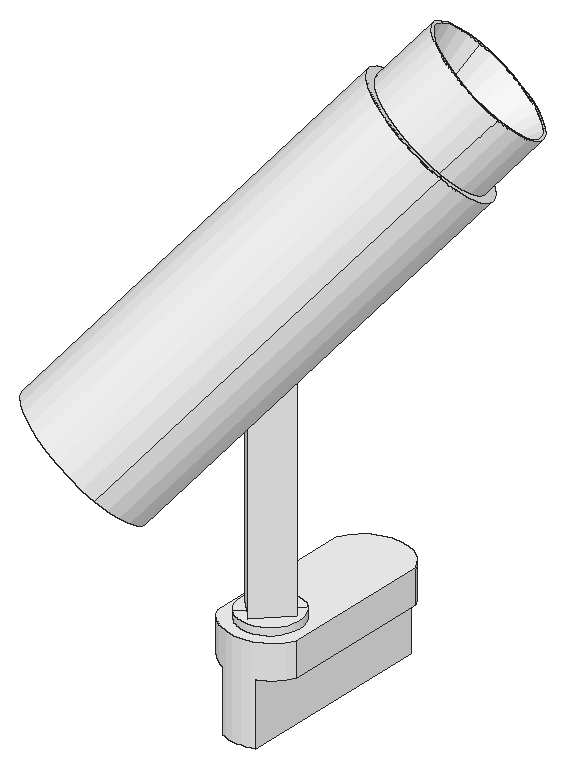
Revit family "0005522", category Lighting Fixtures, host Face, Revit 2017
Family settings
  Host = Face
  Round Connector Dimension = Use Diameter
  Part Type = Normal
  OmniClass Number = 23.80.70.00
  OmniClass Title = Lighting
  Cut with Voids When Loaded = No
  Light Source = No
  Shared = No
  Room Calculation Point = No
Parameters (values of type "0005522 LENZO S 15W 500LM 930 GLB O/B WHITE - NB")
  Weight = "n/a"
  Wattage Comments = ""
  WarrantyStartDate [instance] = "n/a"
  WarrantyGuarantorParts = "n/a"
  WarrantyDurationUnit = "n/a"
  WarrantyDurationParts = "n/a"
  WarrantyDescription = "n/a"
  Voltage = 230 V
  VerticalRotation_SYL [instance] = 45.00°
  VerticalEndAngle_SYL [instance] = VerticalRotation_SYL - 180.00°  # -135.00°
  URL = "http://www.sylvania-lighting.com"
  TypeName = "LENZO S 15W 500LM 930 GLB ON BOARD DIMMING WHITE - NB"
  TypeHead_SYL = Lenzo Head : 0005522 LENZO S 15W 500LM 930 GLB O/B WHITE - NB
  Type Image = <None>
  Type Comments = "n/a"
  SerialNumber [instance] = "n/a"
  Material_3_SYL = none
  PowerFactor = 0
  PowerConsumption = "15 W"
  NominalLength = 60 mm
  NominalHeight = 261 mm
  NominalDepth = 60 mm
  Name = "LENZO S 15W 500LM 930 GLB ON BOARD DIMMING WHITE - NB"
  ModelReference = Name  # "LENZO S 15W 500LM 930 GLB ON BOARD DIMMING WHITE - NB"
  ModelNumber = "0005522"
  Model = Name  # "LENZO S 15W 500LM 930 GLB ON BOARD DIMMING WHITE - NB"
  Material = "aluminium housing, pc polycarbonate diffuser"
  ManufacturerName = "Feilo Sylvania"
  Manufacturer = "Feilo Sylvania"
  LuminousEfficacy = "48 lm/W"
  LuminaireType = ""
  LightOutputRatio = "n/a"
  LampsType = Lamp  # "LED"
  LampNominalLuminous = "240/720 lm"
  LampMacAdamStep = "3"
  LampColourTemperature = "3000 K"
  LampColourRenderingIndex = "90"
  Lamp = "LED"
  Keynote = "16500"
  InstallationDate [instance] = "n/a"
  InputVoltage = "220-240 V AC"
  InputNominalFrequency = "50/60 Hz"
  IngressProtection = "IP20"
  ImpactProtectionIndex = "IK02"
  IfcExportType = "IfcLightFixtureType"
  IfcExportAs = "IfcLightFixtureType"
  HorizontalRotation_SYL [instance] = -45.00°
  ExpectedLife = 50000
  ElectricShockClassification = "Class I"
  DurationUnit = "hours"
  DocumentationLiterature = "http://www.sylvania-lighting.com/product/en-int/products/0005522"
  DimmingControlOptions = "on board dimming"
  Material_2_SYL = Spacer-Sylvania-StartTrackSpot-Aluminium
  Description = "LENZO S 15W 500LM 930 GLB O/B WHITE - NB"
  Default Elevation = 1219.2 mm
  CreatedOn = "9/25/2019"
  CreatedBy = "@sylvania-lighting.com"
  Cost = 0
  built-in parameter 1114216 [instance] = (empty or 0)
  ClassificationValue = "EF_70_80"
  ClassificationName = "Uniclass2015"
  Material_1_SYL = Body-Sylvania-StartTrackSpot-White
  BarCode [instance] = "n/a"
  AssetType = "Fixed"
  AssetIdentifier [instance] = "n/a"
  Assembly Code = "D5020200"
  Apparent Load = 15 VA
  Material_4_SYL = none
Types (2, lengths in mm): name | TypeName | TypeHead_SYL | Name | ModelReference | Model | Description
  0005522 LENZO S 15W 500LM 930 GLB O/B WHITE - WB | "LENZO S 15W 500LM 930 GLB ON BOARD DIMMING WHITE - WB" | Lenzo Head : 0005522 LENZO S 15W 500LM 930 GLB O/B WHITE - WB | "LENZO S 15W 500LM 930 GLB ON BOARD DIMMING WHITE - WB" | "LENZO S 15W 500LM 930 GLB ON BOARD DIMMING WHITE - WB" | "LENZO S 15W 500LM 930 GLB ON BOARD DIMMING WHITE - WB" | "LENZO S 15W 500LM 930 GLB O/B WHITE - WB"
  0005522 LENZO S 15W 500LM 930 GLB O/B WHITE - NB | "LENZO S 15W 500LM 930 GLB ON BOARD DIMMING WHITE - NB" | Lenzo Head : 0005522 LENZO S 15W 500LM 930 GLB O/B WHITE - NB | "LENZO S 15W 500LM 930 GLB ON BOARD DIMMING WHITE - NB" | "LENZO S 15W 500LM 930 GLB ON BOARD DIMMING WHITE - NB" | "LENZO S 15W 500LM 930 GLB ON BOARD DIMMING WHITE - NB" | "LENZO S 15W 500LM 930 GLB O/B WHITE - NB"
Reference planes
  plane 1 "Center (Front/Back)": y = 0
  plane 2: z = 0
  plane 3 "Center (Left/Right)": x = 0
  plane 4: x = 16.6
  plane 5: x = -16.6
  plane 6: x = 7
  plane 7: x = -7
  plane 8: x = -12.8
  plane 9: y = 42
  plane 10: y = 42
  plane 11: y = -42
  plane 12: y = 31.4
  plane 13: y = -31.4
  plane 14: z = -26
  plane 15: z = 14
  plane 16: z = 14
  plane 17: y = -17.4
  plane 18: y = -6.8
  plane 19: y = -24.4
Forms (mm)
  Extrusion 1, solid, material "Body-Sylvania-StartTrackSpot-White" <- "Material_1_SYL"
    sketch origin (0, 0, 0) x (1, 0, 0) y (0, 1, 0)
      loop
        line (-16.6, 31.4) -> (-16.6, -31.4)
        arc (-16.6, -31.4) -> (0, -42) -> (16.6, -31.4) r 18.298
        line (16.6, -31.4) -> (16.6, 31.4)
        arc (16.6, 31.4) -> (0, 42) -> (-16.6, 31.4) r 18.298
    from -26 to 14
  Extrusion 2, void
    sketch origin (0, 0, 0) x (1, 0, 0) y (0, 1, 0)
      loop
        arc (-7, 40.608) -> (-12.666, 36.907) -> (-16.6, 31.4) r 18.298
        line (-16.6, 31.4) -> (-16.6, -31.4)
        arc (-16.6, -31.4) -> (-12.666, -36.907) -> (-7, -40.608) r 18.298
        line (-7, -40.608) -> (-7, 40.608)
      loop
        line (16.6, -31.4) -> (16.6, 31.4)
        arc (16.6, 31.4) -> (12.666, 36.907) -> (7, 40.608) r 18.298
        line (7, 40.608) -> (7, -40.608)
        arc (7, -40.608) -> (12.666, -36.907) -> (16.6, -31.4) r 18.298
    from 0 to -26
  Revolve 3, solid, not visible
    sketch origin (1524, -24.4, 1219.2) x (1, 0, 0) y (0, 0, 1)
      loop
        line (-1524, -1202.5) -> (-1524, -1183.235) -> (-1531, -1183.235) -> (-1531, -1202.5) -> (-1524, -1202.5)
      axis (-1524, -1183.235) -> (-1524, -1202.5)
    angle from 45 <- "VerticalRotation_SYL" to -135 <- "VerticalEndAngle_SYL"
Cuts and joins
  Extrusion 2 cuts Extrusion 1
Lines and regions (mm)
  reference lines
    curve 1: circle (0, -24.4, 0) r 12.7 normal (0, 0, 1)
    curve 2: arc (-16.6, -31.4, 0) -> (0, -42, 0) -> (16.6, -31.4, 0) r 18.298
    curve 3: arc (-16.6, -17.4, 0) -> (0, -6.8, 0) -> (16.6, -17.4, 0) r 18.298
    curve 4: arc (-16.6, 31.4, 0) -> (0, 42, 0) -> (16.6, 31.4, 0) r 18.298
Dimensions and locks
  plane 6 to plane 3 "Center (Left/Right)" to plane 7 = 7 mm locked, 7 mm locked
  plane 4 to plane 3 "Center (Left/Right)" to plane 5 = 16.6 mm locked, 16.6 mm locked
  locked: plane 3 "Center (Left/Right)" to plane 8 at 12.8
  plane 11 to plane 1 "Center (Front/Back)" to plane 10 = 42 mm locked, 42 mm locked
  plane 13 to plane 1 "Center (Front/Back)" to plane 12 = 31.4 mm locked, 31.4 mm locked
  locked: plane 2 to plane 14 at 26
  locked: plane 13 to plane 17 at 14
  locked: plane 17 to plane 18 at 10.6
  equal spacing: plane 13, plane 19, plane 17
  locked: plane 19 to curve 2 at 0.698
  locked: curve 3 to plane 19 at 0.698
  locked: plane 16 to plane 2 at 14
  aligned and locked: plane 2 to host face
  aligned and locked: level to host face
  aligned and locked: plane 3 "Center (Left/Right)" to curve 1
  aligned and locked: plane 19 to curve 1
  aligned and locked: plane 13 to curve 2  (x2)
  aligned and locked: plane 17 to curve 3  (x2)
  aligned and locked: plane 12 to curve 4  (x2)
  aligned and locked: plane 4 to curve 4
  aligned and locked: plane 3 "Center (Left/Right)" to curve 4
  aligned and locked: plane 5 to curve 2
  aligned and locked: plane 5 to curve 3
  aligned and locked: plane 4 to curve 3
  aligned and locked: plane 4 to curve 2
  aligned and locked: plane 12 to Extrusion 1 sketch curve
  aligned and locked: plane 13 to Extrusion 1 sketch curve
  aligned and locked: Extrusion 1 sketch curve to curve 4
  aligned and locked: Extrusion 1 sketch curve to curve 2
  aligned and locked: Extrusion 1 to plane 15
  aligned and locked: plane 14 to Extrusion 1
  aligned and locked: Extrusion 2 sketch curve to Extrusion 1  (x5)
  aligned and locked: Extrusion 2 sketch curve to plane 7
  aligned and locked: plane 14 to Extrusion 2
  aligned and locked: level to Extrusion 2
  aligned and locked: Revolve 3 sketch curve to plane 3 "Center (Left/Right)"
  aligned and locked: plane 16 to nested 1
  aligned and locked: plane 16 to plane 15
Automatic sketch dimensions
  plane 12 to curve 4 = 7.698 mm
  plane 12 to Extrusion 2 sketch curve = 0 mm
  Extrusion 2 sketch curve to Extrusion 2 sketch curve = 0 mm  (x2)
  Extrusion 2 sketch curve to plane 6 = 0 mm
  Revolve 3 sketch curve to plane 7 = 0 mm
  Revolve 3 sketch curve to Revolve 3 sketch curve = 19.265 mm
  plane 14 to Revolve 3 sketch curve = 583.6 mm
  Revolve 3 sketch curve to Revolve 3 sketch curve = 2558.594 mm
  Revolve 3 sketch curve to plane 3 "Center (Left/Right)" = 0 mm
  host sketch curve to host sketch curve = 200 mm  (x2)
  Revolve 3 sketch curve to plane 16 = 2.7 mm
  radius of curve 1 = 12.7 mm
Nested families
  nested 1: "Lenzo Arm" at (0, -24.4, 14) x (0, 0, -1) z (0.7071, 0.7071, 0), HorizontalRotation_SYL <- "HorizontalRotation_SYL", type "START Track Spot Integral WH"
    with HorizontalRotation_SYL -45.00°, HorizontalEndAngle_SYL -225.00°
  nested 2: "Lenzo Head" at (-10.453, -34.853, 124.783) x (0.7071, -0.7071, 0) z (-0.5, -0.5, -0.7071), type <- "TypeHead_SYL", type "0005522 LENZO S 15W 500LM 930 GLB O/B WHITE - NB"
    with built-in parameter 1114216 (empty or 0)
Connectors
  electrical at (0, 0, 0), driven by "Apparent Load", driven by "PowerFactor", driven by "Voltage"
    settings: index 1, voltage 230 V, apparent load 15 VA, apparent load phase1 0 VA, apparent load phase2 0 VA, apparent load phase3 0 VA, power factor 0, load classification "Lighting", number of poles 1, system type 30, power factor state 1, is connector primary yes, connector utility no, sub classification motor no, connector description ""
Definition of nested family "Lenzo Arm"
  Parameters (values of type "START Track Spot Integral WH")
    URL = "http://www.sylvania-lighting.com"
    Type Image = (empty or 0)
    Type Comments = "n/a"
    Material_3_SYL = none
    Model = ""
    Manufacturer = "Feilo Sylvania"
    Keynote = ""
    Material_2_SYL = none
    HorizontalRotation_SYL [instance] = 0.00°
    HorizontalEndAngle_SYL [instance] = HorizontalRotation_SYL - 180.00°  # -180.00°
    Description = ""
    Default Elevation = 1219.2 mm
    Cost = 0
    Material_1_SYL = none
    Assembly Code = ""
    Material_4_SYL = none
  Reference planes
    plane 1 "Center (Front/Back)": y = 0
    plane 2: z = 0
    plane 3 "Center (Left/Right)": x = 0
    plane 4: x = -3
    plane 5: z = -12.5
    plane 6: z = 12.5
    plane 7: x = -96
    plane 8: z = 8
    plane 9: z = -8
    plane 10: x = -103
    plane 11: y = 5.5
    plane 12: y = -5.5
  Forms (mm)
    Extrusion 1, solid
      sketch origin (1116.2, 0, 0) x (1, 0, 0) y (0, 1, 0)
        loop
          line (-1283.103, 99.845) -> (-1283.103, -100.155) -> (-1083.103, -100.155) -> (-1083.103, 99.845) -> (-1283.103, 99.845)
      from 0 to -68.017
    Revolve 2, solid, material <- "Material_1_SYL"
      sketch origin (0, 0, 0) x (1, 0, 0) y (0, 0, 1)
        loop
          line (0, 0) -> (0, 12.5) -> (-3, 12.5) -> (-3, 0) -> (0, 0)
        axis (-3, 0) -> (0, 0)
      angle from 360 to 0
    Extrusion 3, solid, material <- "Material_1_SYL"
      sketch origin (0, 0, 0) x (1, 0, 0) y (0, 0, 1)
        loop
          line (-3, 8) -> (-103, 8) -> (-103, -8) -> (-3, -8) -> (-3, 8)
      from -5.5 to 5.5
    Revolve 4, solid, not visible
      sketch origin (-96, -4572, 2609.058) x (0, 0, 1) y (0, -1, 0)
        loop
          line (-2609.058, -4553.46) -> (-2609.058, -4590.54) -> (-2605.058, -4590.54) -> (-2605.058, -4553.46) -> (-2609.058, -4553.46)
        axis (-2609.058, -4553.46) -> (-2609.058, -4590.54)
      angle from 0 <- "HorizontalRotation_SYL" to -180 <- "HorizontalEndAngle_SYL"
  Dimensions and locks
    locked: plane 3 "Center (Left/Right)" to plane 4 at 3
    plane 6 to plane 2 to plane 5 = 12.5 mm locked, 12.5 mm locked
    equal spacing: Revolve 4 sketch curve, plane 1 "Center (Front/Back)", Revolve 4 sketch curve
    locked: Revolve 4 sketch curve to plane 1 "Center (Front/Back)" at 18.54
    locked: plane 4 to plane 10 at 100
    locked: plane 1 "Center (Front/Back)" to plane 11 at 5.5
    locked: plane 12 to plane 1 "Center (Front/Back)" at 5.5
    plane 8 to plane 2 to plane 9 = 8 mm, 8 mm
    locked: plane 7 to plane 10 at 7
    aligned and locked: plane 2 to Extrusion 1
    aligned and locked: level to Extrusion 1
    aligned and locked: plane 12 to Extrusion 3
    aligned and locked: Extrusion 3 to plane 11
    aligned and locked: plane 9 to Extrusion 3 sketch curve
    aligned and locked: Extrusion 3 sketch curve to plane 8
    aligned and locked: Extrusion 3 sketch curve to plane 10
    aligned and locked: Revolve 2 sketch curve to plane 6
Definition of nested family "Lenzo Head"
  Parameters (values of type "0005522 LENZO S 15W 500LM 930 GLB O/B WHITE - WB")
    WidthCutOut_SYL = 13 mm  # constant formula
    Wattage Comments = "n/a"
    Wattage = 15 W
    built-in parameter 1150110 = 1 (stored number, unit not read)
    URL = "http://www.sylvania-lighting.com"
    Type Image = (empty or 0)
    Type Comments = "n/a"
    built-in parameter 1114217 = 1 (stored number, unit not read)
    Tilt Angle = 90.00°
    built-in parameter 1150109 = 1 (stored number, unit not read)
    built-in parameter 1150134 = (empty or 0)
    built-in parameter 1150113 = 1 (stored number, unit not read)
    S_SYL = yes
    RadiusLensOut_SYL = 21 mm
    RadiusLensHolder_SYL = 1.8 mm  # constant formula
    RadiusHead_SYL = if(S_SYL, 30 mm, 38 mm)  # 30 mm
    RadiusEmission_SYL = 8 mm
    Photometric Web File = "0005522-WB.ies"
    Material_3_SYL = none
    Model = "LENZO S 15W 500LM 930 GLB ON BOARD DIMMING WHITE - WB"
    Manufacturer = "Feilo Sylvania"
    built-in parameter 1150105 = 57.296 (stored number, unit not read)
    Lumens = 720 lm
    built-in parameter 1150115 = 1 (stored number, unit not read)
    built-in parameter 1150137 = (empty or 0)
    built-in parameter 1150139 = (empty or 0)
    LensProtrusion_SYL = 10 mm
    built-in parameter 1150112 = 1 (stored number, unit not read)
    built-in parameter 1150114 = 1 (stored number, unit not read)
    Lamp = "LED"
    Keynote = "16500"
    Material_2_SYL = none
    built-in parameter 1150132 = (empty or 0)
    built-in parameter 1150102 = (empty or 0)
    built-in parameter 1150107 = 3000 (stored number, unit not read)
    built-in parameter 1150138 = (empty or 0)
    built-in parameter 1150106 = 0.57296 (stored number, unit not read)
    Height_SYL = if(S_SYL, 162 mm, 201 mm)  # 162 mm
    HeightCutOut_SYL = if(S_SYL, 76 mm, 96 mm)  # 76 mm
    Emit from Circle Diameter = RadiusLensOut_SYL * 2  # 42 mm
    Emit Shape Visible in Rendering = no
    built-in parameter 1150104 = 4.4593 (stored number, unit not read)
    DistRotateAxisY_SYL = if(S_SYL, 66 mm, 90 mm)  # 66 mm
    Dimming Lamp Color Temperature Shift = (empty or 0)
    Description = "LENZO S 15W 500LM 930 GLB O/B WHITE - WB"
    DepthCutOut_SYL = 16 mm  # constant formula
    Default Elevation = 1219.2 mm
    Cost = 0
    Color Filter = 16777215
    built-in parameter 1114216 [instance] = (empty or 0)
    Material_1_SYL = none
    built-in parameter 1114218 = 1 (stored number, unit not read)
    built-in parameter 1150133 = 10 (stored number, unit not read)
    Assembly Code = "D5020200"
    Apparent Load = 15 VA
    Material_4_SYL = none
  Types (2, lengths in mm): name | Photometric Web File | Model | LensProtrusion_SYL | Description
    0005522 LENZO S 15W 500LM 930 GLB O/B WHITE - WB | "0005522-WB.ies" | "LENZO S 15W 500LM 930 GLB ON BOARD DIMMING WHITE - WB" | 10 | "LENZO S 15W 500LM 930 GLB O/B WHITE - WB"
    0005522 LENZO S 15W 500LM 930 GLB O/B WHITE - NB | "0005522-NB.ies" | "LENZO S 15W 500LM 930 GLB ON BOARD DIMMING WHITE - NB" | 27 | "LENZO S 15W 500LM 930 GLB O/B WHITE - NB"
  Reference planes
    plane 1 "Center (Front/Back)": y = 0
    plane 2: z = 0
    plane 3 "Center (Left/Right)": x = 0
    plane 4: x = 30
    plane 5: z = 66
    plane 6: z = -96
    plane 7: x = 26.5
    plane 8: x = 21
    plane 9: x = 8
    plane 10: z = -60
    plane 11: z = -10
    plane 12: x = 25.5
    plane 13: z = -73
    plane 14: z = -58
    plane 15: z = -1
    plane 16: x = 6.5
    plane 17: x = -6.5
    plane 18: y = -30
    plane 19: y = -14
    plane 20: y = -22
    plane 21: z = -106
    plane 22: x = 16.5
    plane 23: z = -81
    plane 24: z = -134.762
    plane 25: z = -134.762
    plane 26: x = 1.5
    plane 27: z = -82.762
    plane 28: x = -1.5
    plane 29: z = -84.762
    plane 30: z = -84.762
    plane 31: z = -132.762
    plane 32: x = -51.5
    plane 33: z = -132.762
    plane 34: z = -84.762
    plane 35: z = -134.762
    plane 36: z = -134.762
    plane 37: x = 26.5
    plane 38: z = -73
  Forms (mm)
    Extrusion 1, solid
      sketch origin (4.2, -1183.2, 0) x (1, 0, 0) y (0, 1, 0)
        loop
          line (-55.7, 1231.317) -> (-55.7, 1131.317) -> (44.3, 1131.317) -> (44.3, 1231.317) -> (-55.7, 1231.317)
      from 0 to -20
    Revolve 2, solid, material <- "Material_1_SYL"
      sketch origin (0, 0, 0) x (1, 0, 0) y (0, 0, 1)
        loop
          line (30, -96) -> (30, 66) -> (26.5, 66) -> (26.5, -96) -> (30, -96)
        axis (0, 66) -> (0, -96)
      angle from 360 to 0
    Revolve 3, solid, material <- "Material_1_SYL"
      sketch origin (0, 0, 0) x (1, 0, 0) y (0, 0, 1)
        loop
          line (26.5, 66) -> (0, 66) -> (0, -10) -> (26.5, -10) -> (26.5, 66)
        axis (0, 66) -> (0, -10)
      angle from 360 to 0
    Revolve 4, solid
      sketch origin (0, 0, 0) x (1, 0, 0) y (0, 0, 1)
        loop
          line (0, -60) -> (8, -60)
          arc (8, -60) -> (18.9, -63.606) -> (25.5, -73) r 18.279
          line (25.5, -73) -> (26.5, -73) -> (26.5, -58) -> (0, -58) -> (0, -60)
        axis (0, -58) -> (0, -73)
      angle from 360 to 0
    Extrusion 5, void
      sketch origin (1524, -30, 1219.2) x (-1, 0, 0) y (0, 0, 1)
        loop
          line (1530.5, -1229.2) -> (1530.5, -1153.2) -> (1517.5, -1153.2) -> (1517.5, -1229.2) -> (1530.5, -1229.2)
      from 0 to 16
    Revolve 6, solid, material <- "Material_1_SYL"
      sketch origin (0, 0, 0) x (1, 0, 0) y (0, 0, 1)
        loop
          line (26.5, -106) -> (26.5, -73) -> (16.5, -73) -> (16.5, -81) -> (25.5, -106) -> (26.5, -106)
        axis (0, -73) -> (0, -106)
      angle from 360 to 0
    Revolve 7, solid, material <- "Material_2_SYL"
      sketch origin (0, 0, 0) x (1, 0, 0) y (0, 0, 1)
        loop
          line (0, -81) -> (16.5, -81) -> (16.5, -73) -> (0, -73) -> (0, -81)
        axis (0, -73) -> (0, -81)
      angle from 360 to 0
  Cuts and joins
    Extrusion 5 cuts Revolve 3
    Extrusion 5 cuts Revolve 2
  Dimensions and locks
    "RadiusHead_SYL": plane 4 to plane 3 "Center (Left/Right)"
    "DistRotateAxisY_SYL": plane 5 to plane 2
    "Height_SYL": plane 5 to plane 6
    plane 4 to plane 7 = 3.5 mm
    "RadiusLensOut_SYL": plane 8 to plane 3 "Center (Left/Right)"
    "RadiusEmission_SYL": plane 9 to plane 3 "Center (Left/Right)"
    "HeightCutOut_SYL": plane 5 to plane 11
    plane 12 to plane 8 = 4.5 mm
    locked: plane 2 to plane 15 at 1
    equal spacing: plane 16, plane 3 "Center (Left/Right)", plane 17
    "WidthCutOut_SYL": plane 16 to plane 17
    "RadiusHead_SYL": plane 18 to plane 1 "Center (Front/Back)"
    "DepthCutOut_SYL": plane 18 to plane 19
    equal spacing: plane 18, plane 20, plane 19
    "LensProtrusion_SYL": plane 6 to plane 21
    locked: plane 14 to plane 10 at 2
    locked: plane 10 to plane 13 at 13
    locked: plane 7 to plane 22 at 10
    locked: plane 23 to plane 21 at 25
    locked: plane 7 to plane 12 at 1
    locked: plane 38 to plane 23 at 8
    locked: plane 13 to plane 6 at 23
    aligned and locked: plane 2 to Extrusion 1
    aligned and locked: level to Extrusion 1
    aligned and locked: Revolve 2 sketch curve to plane 3 "Center (Left/Right)"
    aligned and locked: Revolve 2 sketch curve to plane 6
    aligned and locked: Revolve 2 sketch curve to plane 4
    aligned and locked: plane 5 to Revolve 2 sketch curve
    aligned and locked: plane 7 to Revolve 2 sketch curve
    aligned and locked: Revolve 3 sketch curve to plane 3 "Center (Left/Right)"
    aligned and locked: Revolve 3 sketch curve to Revolve 2  (x3)
    aligned and locked: Revolve 3 sketch curve to plane 11
    aligned and locked: plane 3 "Center (Left/Right)" to Revolve 3 sketch curve
    aligned and locked: Revolve 4 sketch curve to plane 3 "Center (Left/Right)"  (x2)
    aligned and locked: plane 3 "Center (Left/Right)" to Revolve 4 sketch curve
    aligned and locked: plane 9 to Revolve 4 sketch curve
    aligned and locked: plane 10 to Revolve 4 sketch curve
    aligned and locked: plane 12 to Revolve 4 sketch curve
    aligned and locked: plane 13 to Revolve 4 sketch curve
    aligned and locked: plane 11 to Extrusion 5 sketch curve
    aligned and locked: Extrusion 5 sketch curve to plane 17
    aligned and locked: Extrusion 5 sketch curve to plane 5
    aligned and locked: plane 16 to Extrusion 5 sketch curve
    aligned and locked: Extrusion 5 to plane 19
    aligned and locked: plane 18 to Extrusion 5
    aligned and locked: plane 3 "Center (Left/Right)" to imposter light
    aligned and locked: imposter light to plane 1 "Center (Front/Back)"
    aligned and locked: Revolve 6 sketch curve to plane 3 "Center (Left/Right)"
    aligned and locked: plane 7 to Revolve 6 sketch curve
    aligned and locked: Revolve 6 sketch curve to plane 21
    aligned and locked: Revolve 6 sketch curve to plane 7
    aligned and locked: Revolve 7 sketch curve to Revolve 6  (x2)
    aligned and locked: Revolve 7 sketch curve to plane 3 "Center (Left/Right)"  (x2)
    aligned and locked: Revolve 6 to Revolve 7 sketch curve
    aligned and locked: imposter light to plane 23
  Automatic sketch dimensions
    plane 6 to Revolve 2 sketch curve = 487.1 mm
    Revolve 2 sketch curve to plane 5 = 2571.558 mm
    Revolve 4 sketch curve to plane 10 = 2 mm
    plane 6 to Revolve 4 sketch curve = 487.1 mm
    Revolve 4 sketch curve to plane 5 = 2571.558 mm
    Revolve 4 sketch curve to plane 7 = 0 mm
    plane 6 to Revolve 3 sketch curve = 487.1 mm
    Revolve 3 sketch curve to Revolve 3 sketch curve = 2571.558 mm
    Extrusion 1 sketch curve to Extrusion 1 sketch curve = 100 mm  (x2)
    Revolve 6 sketch curve to plane 22 = 0 mm
    Revolve 6 sketch curve to plane 12 = 0 mm
    Revolve 6 sketch curve to plane 23 = 0 mm
    Revolve 6 sketch curve to plane 38 = 0 mm
    Revolve 6 sketch curve to plane 5 = 2592.258 mm
    Revolve 7 sketch curve to plane 5 = 2592.258 mm
    plane 21 to Revolve 6 sketch curve = 456.4 mm
    plane 21 to Revolve 7 sketch curve = 456.4 mm
